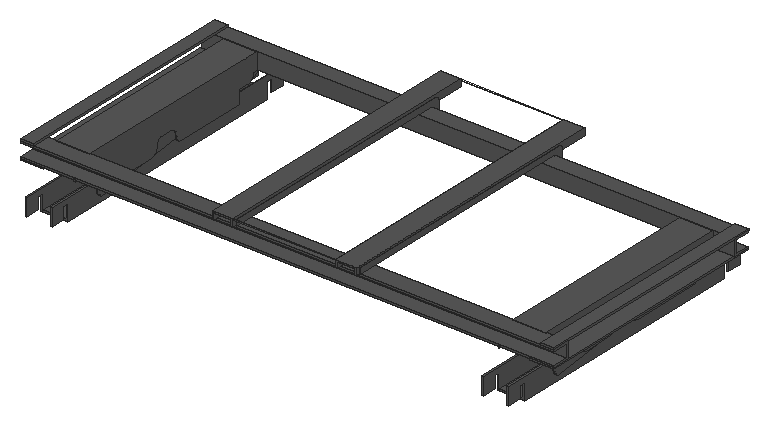
Revit family "Mount-Display-Chief-LVS", category Specialty Equipment, host Face, Revit 2012
Parameters (values of type "Landscape")
  zz YesNo 2 [instance] = not(zz YesNo 1)  # yes
  zz YesNo 1 [instance] = zz Integer 1 = 1  # no
  zz Length 9 [instance] = 17.50000"  # constant formula
  zz Length 8 [instance] = 17.00000" * 0  # 0.00000"
  zz Length 7 [instance] = zz Length 5 - zz Length 13  # -17.00000"
  zz Length 6 [instance] = if(zz Length 2 < zz Length 19, zz Length 19, if(zz Length 2 > zz Length 20, zz Length 20, zz Length 2))  # 7.87400"
  zz Length 5 [instance] = 0.00000"
  zz Length 4 = 7.40000"  # constant formula
  zz Length 3 [instance] = if(zz Integer 2 = 1, 35.00000", if(zz Integer 2 = 2, 19.00000", 0.00000"))  # 35.00000"
  zz Length 20 [instance] = if(zz Integer 2 = 1, 700 * 0.03937", if(zz Integer 2 = 2, 400 * 0.03937", 0.00000"))  # 27.55900"
  zz Length 2 [instance] = Upright Width Desired  # 0.00000"
  zz Length 19 [instance] = if(zz Integer 2 = 1, 200 * 0.03937", if(zz Integer 2 = 2, 100 * 0.03937", 0.00000"))  # 7.87400"
  zz Length 18 [instance] = if(zz Integer 1 = 1, 0.07500", 0.00000") + zz Length 8  # 0.00000"
  zz Length 17 [instance] = zz Length 3 - if(zz Integer 1 = 1, 0.00000", (0.50000" * 2))  # 34.00000"
  zz Length 16 [instance] = zz Length 11 - 2.52500"  # 1.47500"
  zz Length 15 = 4.00000"  # constant formula
  zz Length 14 [instance] = ((zz Length 10 / 2) + zz Length 1) * (0 - 1)  # -9.88000"
  zz Length 13 [instance] = 17.00000"  # constant formula
  zz Length 12 [instance] = ((zz Length 10 / 2) - zz Length 1) * (0 + 1)  # 8.31000"
  zz Length 11 [instance] = if(zz Length 7 < zz Length 15, zz Length 15, if(zz Length 7 > zz Length 4, zz Length 4, zz Length 7))  # 4.00000"
  zz Length 10 [instance] = if(zz Integer 2 = 1, 18.19000", if(zz Integer 2 = 2, 32.50000", 0.00000"))  # 18.19000"
  zz Length 1 [instance] = if(zz Integer 2 = 1, 0.78500", if(zz Integer 2 = 2, 0.00000", 0.00000"))  # 0.78500"
  zz Integer 2 = 1
  zz Integer 1 = 0
  zz Angle 5 [instance] = 2.500°  # constant formula
  zz Angle 4 [instance] = 90.000°  # constant formula
  zz Angle 3 [instance] = Tilt Desired  # 0.000°
  zz Angle 2 [instance] = zz Angle 4 + if(zz Angle 3 < zz Angle 1, zz Angle 1, if(zz Angle 3 > zz Angle 5, zz Angle 5, zz Angle 3))  # 90.000°
  zz Angle 1 [instance] = -4.000°  # constant formula
  Width = if(zz Integer 2 = 1, 35.50000", if(zz Integer 2 = 2, 19.50000", 0.00000"))  # 35.50000"
  Weight Capacity = 150.000 lbf  # constant formula
  Weight = if(and(zz Integer 2 = 1, zz Integer 1 = 0), 37.000 lbf, if(and(zz Integer 2 = 1, zz Integer 1 = 1), 44.000 lbf, if(and(zz Integer 2 = 2, zz Integer 1 = 0), 38.000 lbf, if(and(zz Integer 2 = 2, zz Integer 1 = 1), 42.000 lbf, 0.000 lbf))))  # 37.000 lbf
  Upright Width Desired [instance] = 0.00000"
  Upright Width Actual [instance] = zz Length 6  # 7.87400"
  URL = "http://www.chiefmfg.com/"
  Tilt Desired [instance] = 0.000°
  Tilt Actual [instance] = zz Angle 2 - zz Angle 4  # 0.000°
  Solution Type = "Universal"  # constant formula
  Product Page URL = "http://www.chiefmfg.com/Products/LVSXU"
  Product Material = Powder Coat - Chief - Black
  Product Documentation Link = "http://downloads.chiefmfg.com/MANUALS-I/LVS1U_LVSXU-I.pdf"
  Part Number [instance] = Model  # "LVSXU"
  Part Description [instance] = Description  # "Chief ConnexSys™ Video Wall Landscape Mounting System without Rails"
  Mounting Pattern Compatibility = if(zz Integer 2 = 1, "760mm x 505mm", if(zz Integer 2 = 2, "800mm x 400mm", "Not Available"))  # "760mm x 505mm"
  Model Disclaimer = "For more information, contact Milestone AV Technologies | Chief Manufacturing"  # constant formula
  Model = if(and(zz Integer 2 = 1, zz Integer 1 = 0), "LVSXU", if(and(zz Integer 2 = 1, zz Integer 1 = 1), "LVS1U", if(and(zz Integer 2 = 2, zz Integer 1 = 0), "LVSXUP", if(and(zz Integer 2 = 2, zz Integer 1 = 1), "LVS1UP", "Not Available"))))  # "LVSXU"
  Minimum Depth = zz Length 15  # 4.00000"
  Maximum Extension = zz Length 4  # 7.40000"
  Manufacturer = "Milestone AV Technologies | Chief Manufacturing"  # constant formula
  Height = if(zz Integer 2 = 1, 21.80000", if(zz Integer 2 = 2, 32.50000", 0.00000"))  # 21.80000"
  Has Snap Locations [instance] = yes
  Family Version = "1.0"  # constant formula
  Equipment Number [instance] = ""
  Equipment Abbreviation = "DM"
  Description = if(and(zz Integer 2 = 1, zz Integer 1 = 0), "Chief ConnexSys™ Video Wall Landscape Mounting System without Rails", if(and(zz Integer 2 = 1, zz Integer 1 = 1), "Chief ConnexSys™ Video Wall Landscape Mounting System with Rails", if(and(zz Integer 2 = 2, zz Integer 1 = 0), "Chief ConnexSys™ Video Wall Portrait Mounting System without Rails", if(and(zz Integer 2 = 2, zz Integer 1 = 1), "Chief ConnexSys™ Video Wall Portrait Mounting System with Rails", "Not Available"))))  # "Chief ConnexSys™ Video Wall Landscape Mounting System without Rails"
  Depth = if(zz Integer 2 = 1, 4.00000", if(zz Integer 2 = 2, 4.10000", 0.00000"))  # 4.00000"
  Default Elevation = 48.00000"
  Date Modified = "November 19, 2014"  # constant formula
  Date Created = "November 19, 2014"  # constant formula
  Copyright = "Copyright © 2014 Milestone AV Technologies | Chief Manufacturing"  # constant formula
  Certification = "UL Listed"  # constant formula
  Acceptable Flat Panel Sizes = if(zz Integer 2 = 1, "Most 42 In. - 80 In. Flat Panels", if(zz Integer 2 = 2, "Most 40 In. - 80 In. Flat Panels", "Not Available"))  # "Most 42 In. - 80 In. Flat Panels"
Types (5): name | zz YesNo 2 | zz YesNo 1 | zz Length 6 | zz Length 3 | zz Length 20 | zz Length 19 | zz Length 18 | zz Length 17 | zz Length 14 | zz Length 12 | zz Length 10 | zz Length 1 | zz Integer 2 | zz Integer 1 | Width | Weight | Upright Width Actual | Product Page URL | Product Documentation Link | Part Number | Part Description | Mounting Pattern Compatibility | Model | Height | Description | Depth | Acceptable Flat Panel Sizes
  (no name) | yes | no | 7.87400" | 35.00000" | 27.55900" | 7.87400" | 0.00000" | 34.00000" | -9.88000" | 8.31000" | 18.19000" | 0.78500" | 1 | 0 | 35.50000" | 37.000 lbf | 7.87400" | "http://www.chiefmfg.com/Products/LVSXU" | "http://downloads.chiefmfg.com/MANUALS-I/LVS1U_LVSXU-I.pdf" | "LVSXU" | "Chief ConnexSys™ Video Wall Landscape Mounting System without Rails" | "760mm x 505mm" | "LVSXU" | 21.80000" | "Chief ConnexSys™ Video Wall Landscape Mounting System without Rails" | 4.00000" | "Most 42 In. - 80 In. Flat Panels"
  Landscape | yes | no | 7.87400" | 35.00000" | 27.55900" | 7.87400" | 0.00000" | 34.00000" | -9.88000" | 8.31000" | 18.19000" | 0.78500" | 1 | 0 | 35.50000" | 37.000 lbf | 7.87400" | "http://www.chiefmfg.com/Products/LVSXU" | "http://downloads.chiefmfg.com/MANUALS-I/LVS1U_LVSXU-I.pdf" | "LVSXU" | "Chief ConnexSys™ Video Wall Landscape Mounting System without Rails" | "760mm x 505mm" | "LVSXU" | 21.80000" | "Chief ConnexSys™ Video Wall Landscape Mounting System without Rails" | 4.00000" | "Most 42 In. - 80 In. Flat Panels"
  Portrait | yes | no | 3.93700" | 19.00000" | 15.74800" | 3.93700" | 0.00000" | 18.00000" | -16.25000" | 16.25000" | 32.50000" | 0.00000" | 2 | 0 | 19.50000" | 38.000 lbf | 3.93700" | "http://www.chiefmfg.com/Products/LVSXUP" | "http://downloads.chiefmfg.com/MANUALS-I/LVS1UP_LVSXUP-I.pdf" | "LVSXUP" | "Chief ConnexSys™ Video Wall Portrait Mounting System without Rails" | "800mm x 400mm" | "LVSXUP" | 32.50000" | "Chief ConnexSys™ Video Wall Portrait Mounting System without Rails" | 4.10000" | "Most 40 In. - 80 In. Flat Panels"
  Portrait, With Rails | no | yes | 3.93700" | 19.00000" | 15.74800" | 3.93700" | 0.07500" | 19.00000" | -16.25000" | 16.25000" | 32.50000" | 0.00000" | 2 | 1 | 19.50000" | 42.000 lbf | 3.93700" | "http://www.chiefmfg.com/Products/LVS1UP" | "http://downloads.chiefmfg.com/MANUALS-I/LVS1UP_LVSXUP-I.pdf" | "LVS1UP" | "Chief ConnexSys™ Video Wall Portrait Mounting System with Rails" | "800mm x 400mm" | "LVS1UP" | 32.50000" | "Chief ConnexSys™ Video Wall Portrait Mounting System with Rails" | 4.10000" | "Most 40 In. - 80 In. Flat Panels"
  Landscape, With Rails | no | yes | 7.87400" | 35.00000" | 27.55900" | 7.87400" | 0.07500" | 35.00000" | -9.88000" | 8.31000" | 18.19000" | 0.78500" | 1 | 1 | 35.50000" | 44.000 lbf | 7.87400" | "http://www.chiefmfg.com/Products/LVS1U" | "http://downloads.chiefmfg.com/MANUALS-I/LVS1U_LVSXU-I.pdf" | "LVS1U" | "Chief ConnexSys™ Video Wall Landscape Mounting System with Rails" | "760mm x 505mm" | "LVS1U" | 21.80000" | "Chief ConnexSys™ Video Wall Landscape Mounting System with Rails" | 4.00000" | "Most 42 In. - 80 In. Flat Panels"
Reference planes (in)
  plane 1 "Center (Front/Back)": y = 0
  plane 2 "Center (Elevation)": z = 0
  plane 3 "Center (Left/Right)": x = 0
  plane 4: through (26.9972, 28.43381, 9.92971) normal (-0.9218, 0.2818, 0.2661)
  plane 5: through (15.53727, 31.93746, 9.30168) normal (-0.8902, 0.2721, -0.3654)
  plane 6: through (16.43815, 31.66203, -8.67365) normal (0.8902, -0.2721, 0.3654)
  plane 7: through (13.12273, 32.67566, 0.15701) normal (-0.05, 0.0153, 0.9986)
  plane 8: through (9.8073, 33.68929, 8.98767) normal (-0.9218, 0.2818, 0.2661)
  plane 9: through (4.97822, 35.16569, -9.30168) normal (0.955, -0.292, 0.0523)
  plane 10: through (4.97822, 35.16569, -9.30168) normal (-0.05, 0.0153, 0.9986)
  plane 11: z = 0
  plane 12: z = 0
  plane 13: z = 0.875
  plane 14: y = -9.5625
  plane 15: y = -7.9375
  plane 16: y = -8.3125
  plane 17: y = -9.1875
  plane 18: y = 7.9375
  plane 19: y = 9.5625
  plane 20: y = 9.1875
  plane 21: y = 8.3125
  plane 22: z = 0.325
  plane 23: x = -17.5
  plane 24: x = 17.5
  plane 25: y = -8.75
  plane 26: y = 8.75
  plane 27: x = -15.5
  plane 28: x = -15.4
  plane 29: x = -15.16
  plane 30: x = -13.93
  plane 31: x = -13.69
  plane 32: x = -13.59
  plane 33: x = 13.59
  plane 34: x = 13.69
  plane 35: x = 13.93
  plane 36: x = 15.16
  plane 37: x = 15.4
  plane 38: x = 15.5
  plane 39: x = -14.545
  plane 40: x = 14.545
  plane 41: y = 6.6875
  plane 42: z = 0.875
  plane 43: z = 2.35
  plane 44: z = 1
  plane 45: z = 0.25
  plane 46: z = 1.35
  plane 47: z = 0.1
  plane 48: x = -15.3
  plane 49: x = 13.79
  plane 50: x = -13.79
  plane 51: x = 15.3
  plane 52: y = 0.5
  plane 53: z = 1.73
  plane 54: x = -15.775
  plane 55: x = 15.775
  plane 56: x = -13.315
  plane 57: x = 13.315
  plane 58: x = -15.675
  plane 59: x = -13.415
  plane 60: x = 13.415
  plane 61: x = 15.675
  plane 62: x = -17
  plane 63: x = 17
  plane 64: x = -16.15
  plane 65: x = 16.15
  plane 66: z = -17
  plane 67: x = 3.937
  plane 68: x = -4.687
  plane 69: x = 3.187
  plane 70: x = -4.487
  plane 71: x = -3.187
  plane 72: x = 4.687
  plane 73: x = -4.587
  plane 74: x = 3.287
  plane 75: x = -3.287
  plane 76: x = 4.587
  plane 77: x = -15.6
  plane 78: x = -13.49
  plane 79: x = 13.49
  plane 80: x = 15.6
  plane 81: x = -3.387
  plane 82: x = 3.387
  plane 83: x = 4.487
  plane 84: x = -3.937
  plane 85: z = 3.75
Forms (in)
  Extrusion 1, solid, material "Powder Coat - Chief - Black" <- "Product Material", visible <- "zz YesNo 1"
    sketch origin (0, 0, 0) x (0, 1, 0) y (0, 0, 1)
      loop
        line (-8.3125, 0.875) -> (-8.3125, 0.325) -> (-9.1875, 0.325) -> (-9.1875, 0.875) -> (-9.5625, 0.875) -> (-9.5625, 0) -> (-7.9375, 0) -> (-7.9375, 0.875) -> (-8.3125, 0.875)
      loop
        line (9.1875, 0.875) -> (9.1875, 0.325) -> (8.3125, 0.325) -> (8.3125, 0.875) -> (7.9375, 0.875) -> (7.9375, 0) -> (9.5625, 0) -> (9.5625, 0.875) -> (9.1875, 0.875)
    from -17.5 to 17.5
  Sweep 2, solid, material "Powder Coat - Chief - Black" <- "Product Material"
    path in 3D
      loop
        line (0, 7.18371, 0.81354) -> (0, 6.6875, 0.875) -> (0, -5.2215, 2.35) -> (0, -5.71771, 2.41146)
    profile origin (0, 0.733, 1.6125) x (0, -0.122917, -0.992417) y (1, 0, 0)
      loop
        line (-0.5, -15.16) -> (0.5, -15.16) -> (0.5, -13.93) -> (-0.5, -13.93) -> (-0.5, -15.16)
      loop
        line (-0.5, 13.93) -> (0.5, 13.93) -> (0.5, 15.16) -> (-0.5, 15.16) -> (-0.5, 13.93)
  Sweep 3, solid, material "Powder Coat - Chief - Black" <- "Product Material"
    path in 3D
      loop
        line (0, 7.18371, 2.41146) -> (0, 6.6875, 2.35) -> (0, -5.2215, 0.875) -> (0, -5.71771, 0.81354)
    profile origin (0, 0.733, 1.6125) x (0, 0.122917, -0.992417) y (1, 0, 0)
      loop
        line (-0.5, 15.5) -> (-0.5, 15.4) -> (0.5, 15.4) -> (0.5, 15.5) -> (-0.5, 15.5)
      loop
        line (-0.5, 13.69) -> (-0.5, 13.59) -> (0.5, 13.59) -> (0.5, 13.69) -> (-0.5, 13.69)
      loop
        line (-0.5, -13.59) -> (-0.5, -13.69) -> (0.5, -13.69) -> (0.5, -13.59) -> (-0.5, -13.59)
      loop
        line (-0.5, -15.4) -> (-0.5, -15.5) -> (0.5, -15.5) -> (0.5, -15.4) -> (-0.5, -15.4)
  Extrusion 4, solid, material "Powder Coat - Chief - Black" <- "Product Material"
    sketch origin (0, 0, 0) x (0, 1, 0) y (0, 0, 1)
      loop
        line (-9.1875, 1.35) -> (-9.1875, 0.25) -> (-8.3125, 0.25) -> (-8.3125, 1) -> (-7.9375, 1) -> (-7.9375, 0) -> (7.9375, 0) -> (7.9375, 1) -> (8.3125, 1) -> (8.3125, 0.25) -> (9.1875, 0.25) -> (9.1875, 1.35) -> (-9.1875, 1.35)
    from -15.4 to 15.4
  Extrusion 5, void
    sketch origin (0, 0, 0) x (1, 0, 0) y (0, 0, 1)
      loop
        line (-15.3, 1.35) -> (-15.3, 0.1) -> (-13.79, 0.1) -> (-13.79, 1.35) -> (-15.3, 1.35)
      loop
        line (13.79, 1.35) -> (13.79, 0.1) -> (15.3, 0.1) -> (15.3, 1.35) -> (13.79, 1.35)
      loop
        line (-13.69, 1.35) -> (-13.69, 0) -> (13.69, 0) -> (13.69, 1.35) -> (-13.69, 1.35)
    from -9.1875 to 9.1875
  Extrusion 6, void
    sketch origin (0, 6.6875, 2.35) x (0, -0.992417, -0.122917) y (0, 0.122917, -0.992417)
      loop
        line (0, 0.5) -> (-0.75, 0.5) -> (-0.75, -0.5) -> (0, -0.5)
        arc (0, -0.5) -> (-0.5, 0) -> (0, 0.5) r 0.5
      loop
        arc (12, 0.5) -> (12.5, 0) -> (12, -0.5) r 0.5
        line (12, -0.5) -> (12.75, -0.5) -> (12.75, 0.5) -> (12, 0.5)
    from -15.5 to 15.5
  Extrusion 7, void
    sketch origin (0, 6.6875, 0.875) x (0, -0.992417, 0.122917) y (0, -0.122917, -0.992417)
      loop
        arc (12, 0.5) -> (12.5, 0) -> (12, -0.5) r 0.5
        line (12, -0.5) -> (12.75, -0.5) -> (12.75, 0.5) -> (12, 0.5)
      loop
        line (0, 0.5) -> (-0.75, 0.5) -> (-0.75, -0.5) -> (0, -0.5)
        arc (0, -0.5) -> (-0.5, 0) -> (0, 0.5) r 0.5
    from -15.5 to 15.5
  Extrusion 8, solid, material "Powder Coat - Chief - Black" <- "Product Material"
    sketch origin (0, 0.5, 0.46979) x (0, 0, -1) y (0, 1, 0)
      loop
        line (-2.83021, 6.3375) -> (-1.83021, 6.3375) -> (-1.83021, 7.4) -> (-1.93021, 7.4) -> (-1.93021, 6.4375) -> (-2.73021, 6.4375) -> (-2.73021, 7.4) -> (-2.83021, 7.4) -> (-2.83021, 6.3375)
      loop
        line (-1.83021, -6.975) -> (-2.83021, -6.975) -> (-2.83021, -8.1) -> (-2.73021, -8.1) -> (-2.73021, -7.075) -> (-1.93021, -7.075) -> (-1.93021, -8.1) -> (-1.83021, -8.1) -> (-1.83021, -6.975)
    from -17 to 17
  Extrusion 9, solid, material "Powder Coat - Chief - Black" <- "Product Material"
    sketch origin (0, 0.5, 1.73) x (0, 0, -1) y (0, 1, 0)
      loop
        line (-1.57, 7.4) -> (-1.67, 7.4) -> (-1.67, -8.1) -> (-1.57, -8.1) -> (-1.57, -6.975) -> (-0.57, -6.975) -> (-0.57, -8.1) -> (-0.47, -8.1) -> (-0.47, -5.48171)
        arc (-0.47, -5.48171) -> (-0.43194, -5.29037) -> (-0.32355, -5.12816) r 0.5
        line (-0.32355, -5.12816) -> (0.72355, -4.08105)
        arc (0.72355, -4.08105) -> (0.83194, -3.91884) -> (0.87, -3.7275) r 0.5
        line (0.87, -3.7275) -> (0.87, -2.1025)
        arc (0.87, -2.1025) -> (0.73234, -1.77016) -> (0.4, -1.6325) r 0.47
        arc (0.4, -1.6325) -> (0.06766, -1.49484) -> (-0.07, -1.1625) r 0.47
        line (-0.07, -1.1625) -> (-0.07, -0.5375)
        arc (-0.07, -0.5375) -> (0.06766, -0.20516) -> (0.4, -0.0675) r 0.47
        arc (0.4, -0.0675) -> (0.73234, 0.07016) -> (0.87, 0.4025) r 0.47
        line (0.87, 0.4025) -> (0.87, 4.925) -> (-0.01, 4.925) -> (-0.01, 5.65)
        arc (-0.01, 5.65) -> (-0.11983, 5.91517) -> (-0.385, 6.025) r 0.375
        line (-0.385, 6.025) -> (-0.47, 6.025) -> (-0.47, 7.4) -> (-0.57, 7.4) -> (-0.57, 6.3375) -> (-1.57, 6.3375) -> (-1.57, 7.4)
    from -17 to 17
  Extrusion 10, void
    sketch origin (0, 0.5, 1.73) x (0, 0, 1) y (1, 0, 0)
      loop
        line (1.67, -16.15) -> (1.67, 16.15) -> (1.57, 16.15) -> (1.57, 17) -> (0.57, 17) -> (0.57, 15.6) -> (1.57, 15.6) -> (1.57, 13.49) -> (-0.87, 13.49) -> (-0.87, -13.49) -> (1.57, -13.49) -> (1.57, -15.6) -> (0.57, -15.6) -> (0.57, -17) -> (1.57, -17) -> (1.57, -16.15) -> (1.67, -16.15)
      loop
        line (1.47, -15.5) -> (1.47, -13.59) -> (-0.87, -13.59) -> (-0.87, -15.5) -> (1.47, -15.5)
      loop
        line (1.47, 13.59) -> (1.47, 15.5) -> (-0.87, 15.5) -> (-0.87, 13.59) -> (1.47, 13.59)
      loop
        line (0.47, 15.6) -> (0.47, 17) -> (-0.87, 17) -> (-0.87, 15.6) -> (0.47, 15.6)
      loop
        line (0.47, -17) -> (0.47, -15.6) -> (-0.87, -15.6) -> (-0.87, -17) -> (0.47, -17)
    from -24 to 24
  Extrusion 11, solid, material "Powder Coat - Chief - Black" <- "Product Material"
    sketch origin (0, 0.5, 1.73) x (0, 0, -1) y (0, 1, 0)
      loop
        line (-1.92, -8.1) -> (-1.57, -8.1) -> (-1.57, 7.4) -> (-1.47, 7.4) -> (-1.47, 6.98922) -> (-0.92, 6.98922) -> (-0.92, 7.73)
        arc (-0.92, 7.73) -> (-0.98444, 7.88556) -> (-1.14, 7.95) r 0.22
        line (-1.14, 7.95) -> (-1.7, 7.95)
        arc (-1.7, 7.95) -> (-1.85556, 7.88556) -> (-1.92, 7.73) r 0.22
        line (-1.92, 7.73) -> (-1.92, -8.1)
    from -4.687 to 4.687
  Extrusion 12, void
    sketch origin (0, 0.5, 1.73) x (0, 0, 1) y (1, 0, 0)
      loop
        line (0.92, -4.587) -> (1.92, -4.587) -> (1.92, -3.287) -> (0.92, -3.287) -> (0.92, -4.587)
      loop
        line (0.92, 3.287) -> (1.92, 3.287) -> (1.92, 4.587) -> (0.92, 4.587) -> (0.92, 3.287)
      loop
        line (0.92, 3.187) -> (0.92, -3.187) -> (1.92, -3.187) -> (1.92, 3.187) -> (0.92, 3.187)
    from -12 to 12
  Extrusion 13, solid, material "Powder Coat - Chief - Black" <- "Product Material"
    sketch origin (0, 0.5, 1.73) x (0, 0, -1) y (1, 0, 0)
      loop
        line (-2.02, -4.587) -> (-1.57, -4.587) -> (-1.57, -4.487) -> (-1.92, -4.487) -> (-1.92, -3.387) -> (-1.57, -3.387) -> (-1.57, -3.287) -> (-2.02, -3.287) -> (-2.02, -4.587)
      loop
        line (-2.02, 3.287) -> (-1.57, 3.287) -> (-1.57, 3.387) -> (-1.92, 3.387) -> (-1.92, 4.487) -> (-1.57, 4.487) -> (-1.57, 4.587) -> (-2.02, 4.587) -> (-2.02, 3.287)
    from -9.88 <- "zz Length 14" to 8.31 <- "zz Length 12"
  Extrusion 14, solid, material "Snap Locations", visible <- "Has Snap Locations"
    sketch origin (0, 0.5, 1.73) x (1, 0, 0) y (0, 1, 0)
      loop
        line (3.287, -8.31) -> (3.287, 9.88) -> (-3.287, 9.88) -> (-3.287, -8.31) -> (3.287, -8.31)
    from 1.92 to 2.02
Cuts and joins
  Extrusion 5 cuts Extrusion 4
  Extrusion 6 cuts Sweep 3
  Extrusion 7 cuts Sweep 2
  Extrusion 10 cuts Extrusion 9
  Extrusion 12 cuts Extrusion 11
Lines and regions (in)
  Masking region 1, visible <- "zz YesNo 2", detail levels fine
    outline origin (0, 0, 0) x (1, 0, 0) y (0, 0, 1)
      loop
        line (-17, 3.75) -> (-17, 2.35) -> (-15.5, 2.35) -> (-15.5, 0) -> (-13.49, 0) -> (-13.49, 2.35) -> (13.49, 2.35) -> (13.49, 0) -> (15.6, 0) -> (15.6, 2.35) -> (17, 2.35) -> (17, 3.75) -> (-17, 3.75)
  Masking region 2, visible <- "zz YesNo 1", detail levels fine
    outline origin (0, 0, 0) x (1, 0, 0) y (0, 0, 1)
      loop
        line (-17, 3.75) -> (-17, 2.35) -> (-15.6, 2.35) -> (-15.6, 0.875) -> (-17.5, 0.875) -> (-17.5, 0) -> (17.5, 0) -> (17.5, 0.875) -> (15.6, 0.875) -> (15.6, 2.35) -> (17, 2.35) -> (17, 3.75) -> (-17, 3.75)
      loop
        line (-13.49, 2.35) -> (-13.49, 0.875) -> (13.49, 0.875) -> (13.49, 2.35) -> (-13.49, 2.35)
  Masking region 3, detail levels coarse+medium
    outline origin (0, 0, 0) x (1, 0, 0) y (0, 0, 1)
      loop
        line (-17, 3.75) -> (-17, 0) -> (17, 0) -> (17, 3.75) -> (-17, 3.75)
  reference lines, not visible
    curve 1: line (0, 6.6875, 0.875) -> (0, -5.2215, 2.35)
    curve 2: line (0, 6.6875, 2.35) -> (0, -5.2215, 0.875)
    curve 13: line (0, 0.5, 1.73) -> (0, 0.5, -4.27)
  sketch lines
    curve 3: line (0, 6.6875, 0.875) -> (0, -5.2215, 2.35)
    curve 4: line (0, 6.6875, 2.35) -> (0, -5.2215, 0.875)
    curve 9: line (0, -5.2215, 2.35) -> (0, -5.71771, 2.41146)
    curve 10: line (0, 6.6875, 0.875) -> (0, 7.18371, 0.81354)
    curve 11: line (0, 6.6875, 2.35) -> (0, 7.18371, 2.41146)
    curve 12: line (0, -5.2215, 0.875) -> (0, -5.71771, 0.81354)
  model lines, style "SpecialityEquipmentHiddenLines", not visible, detail levels medium
    curve 5: line (0, 6.6875, 2.35) -> (0, 7.18371, 2.41146)
    curve 6: line (0, -5.2215, 0.875) -> (0, -5.71771, 0.81354)
    curve 7: line (0, -5.2215, 2.35) -> (0, -5.71771, 2.41146)
    curve 8: line (0, 6.6875, 0.875) -> (0, 7.18371, 0.81354)
  reference lines
    curve 14: line (-0.5, 0, -17) -> (0.5, 0, -17)
  model lines, style "Snap Locations", visible <- "Has Snap Locations"
    curve 15: line (0, -7.81, 3.75) -> (0, 10.38, 3.75)
    curve 16: line (-3.287, 1.285, 3.75) -> (3.287, 1.285, 3.75)
Dimensions and locks (in)
  "zz Length 8": plane 11 to plane 2 "Center (Elevation)"
  "zz Length 18": plane 12 to plane 11
  equal spacing: plane 23, plane 3 "Center (Left/Right)", plane 24
  "zz Length 3": plane 23 to plane 24
  plane 19 to plane 20 to plane 26 to plane 21 to plane 18 = 0.37500" locked, 0.43750" locked, 0.43750" locked, 0.37500" locked
  plane 15 to plane 16 to plane 25 to plane 17 to plane 14 = 0.37500" locked, 0.43750" locked, 0.43750" locked, 0.37500" locked
  plane 13 to plane 22 to plane 11 = 0.55000" locked, 0.32500" locked
  equal spacing: plane 25, plane 1 "Center (Front/Back)", plane 26
  "zz Length 9": plane 26 to plane 25
  plane 23 to plane 62 to plane 64 to plane 54 to plane 58 to plane 77 to plane 27 to plane 28 to plane 48 to plane 29 to plane 39 to plane 30 to plane 50 to plane 31 to plane 32 to plane 78 to plane 59 to plane 56 = 0.50000" locked, 0.85000" locked, 0.37500" locked, 0.10000" locked, 0.07500" locked, 0.10000" locked, 0.10000" locked, 0.10000" locked, 0.14000" locked, 0.61500" locked, 0.61500" locked, 0.14000" locked, 0.10000" locked, 0.10000" locked, 0.10000", 0.07500" locked, 0.10000" locked
  plane 57 to plane 60 to plane 79 to plane 33 to plane 34 to plane 49 to plane 35 to plane 40 to plane 36 to plane 51 to plane 37 to plane 38 to plane 80 to plane 61 to plane 55 to plane 65 to plane 63 to plane 24 = 0.10000" locked, 0.07500" locked, 0.10000" locked, 0.10000" locked, 0.10000" locked, 0.14000" locked, 0.61500" locked, 0.61500" locked, 0.14000" locked, 0.10000" locked, 0.10000" locked, 0.10000" locked, 0.07500" locked, 0.10000" locked, 0.37500" locked, 0.85000" locked, 0.50000" locked
  locked: curve 1 to curve 1 at 12
  locked: curve 2 to curve 2 at 12
  equal spacing: Sweep 2 sketch curve, profile plane, Sweep 2 sketch curve  (x2)
  locked: Sweep 2 sketch curve to Sweep 2 sketch curve at 1  (x2)
  equal spacing: Sweep 3 sketch curve, profile plane, Sweep 3 sketch curve  (x4)
  locked: Sweep 3 sketch curve to Sweep 3 sketch curve at 1  (x4)
  "zz Length 16": plane 43 to plane 42
  locked: plane 42 to plane 12 at 0.875
  plane 46 to plane 44 to plane 45 to plane 47 to plane 12 = 0.35000" locked, 0.75000" locked, 0.15000" locked, 0.10000" locked
  locked: plane 41 to plane 20 at 2.5
  locked: curve 5 to curve 5 at 0.5
  locked: curve 6 to curve 6 at 0.5
  locked: curve 8 to curve 8 at 0.5
  locked: curve 7 to curve 7 at 0.5
  locked: plane 1 "Center (Front/Back)" to plane 52 at 0.5
  locked: plane 43 to plane 53 at 0.62
  "zz Length 13": plane 11 to plane 66
  curve 14 to plane 3 "Center (Left/Right)" to curve 14 = 0.50000" locked, 0.50000" locked
  "zz Length 5": curve 14 to plane 66
  plane 69 to plane 74 to plane 82 to plane 67 to plane 83 to plane 76 to plane 72 = 0.10000" locked, 0.10000" locked, 0.55000" locked, 0.55000" locked, 0.10000" locked, 0.10000" locked
  plane 68 to plane 73 to plane 70 to plane 84 to plane 81 to plane 75 to plane 71 = 0.10000" locked, 0.10000" locked, 0.55000" locked, 0.55000" locked, 0.10000" locked, 0.10000" locked
  equal spacing: plane 84, plane 3 "Center (Left/Right)", plane 67
  "zz Length 6": plane 84 to plane 67
  locked: plane 85 to plane 43 at 1.4
  "zz Length 12": Extrusion 14 sketch curve to curve 13
  "zz Length 10": Extrusion 14 sketch curve to Extrusion 14 sketch curve
  "zz Length 10": curve 15 to curve 15
  "zz Length 12": curve 15 to curve 13
  "zz Length 18": plane 12 to Masking region 3 sketch curve
  equal spacing: Masking region 3 sketch curve, plane 3 "Center (Left/Right)", Masking region 3 sketch curve
  "zz Length 17": Masking region 3 sketch curve to Masking region 3 sketch curve
  "zz Length 1": curve 13 to curve 16
  "zz Angle 2": angle plane 53 to curve 13
  aligned and locked: plane 2 "Center (Elevation)" to host face
  aligned and locked: level to host face
  aligned and locked: Extrusion 1 sketch curve to plane 15
  aligned and locked: Extrusion 1 sketch curve to plane 16
  aligned and locked: plane 17 to Extrusion 1 sketch curve
  aligned and locked: plane 14 to Extrusion 1 sketch curve
  aligned and locked: plane 11 to Extrusion 1 sketch curve  (x2)
  aligned and locked: plane 22 to Extrusion 1 sketch curve  (x2)
  aligned and locked: Extrusion 1 sketch curve to plane 13  (x4)
  aligned and locked: plane 18 to Extrusion 1 sketch curve
  aligned and locked: plane 21 to Extrusion 1 sketch curve
  aligned and locked: Extrusion 1 sketch curve to plane 20
  aligned and locked: Extrusion 1 sketch curve to plane 19
  aligned and locked: Extrusion 1 to plane 23
  aligned and locked: plane 24 to Extrusion 1
  aligned and locked: plane 41 to curve 2
  aligned and locked: plane 41 to curve 1
  aligned and locked: plane 43 to curve 2
  aligned and locked: plane 42 to curve 1
  aligned and locked: plane 29 to Sweep 2 sketch curve
  aligned and locked: Sweep 2 sketch curve to plane 30
  aligned and locked: plane 35 to Sweep 2 sketch curve
  aligned and locked: Sweep 2 sketch curve to plane 36
  aligned and locked: plane 37 to Sweep 3 sketch curve
  aligned and locked: Sweep 3 sketch curve to plane 38
  aligned and locked: Sweep 3 sketch curve to plane 34
  aligned and locked: plane 33 to Sweep 3 sketch curve
  aligned and locked: plane 31 to Sweep 3 sketch curve
  aligned and locked: Sweep 3 sketch curve to plane 32
  aligned and locked: Sweep 3 sketch curve to plane 28
  aligned and locked: plane 27 to Sweep 3 sketch curve
  aligned and locked: plane 42 to curve 2
  aligned and locked: plane 43 to curve 1
  aligned and locked: plane 17 to Extrusion 4 sketch curve
  aligned and locked: plane 45 to Extrusion 4 sketch curve
  aligned and locked: Extrusion 4 sketch curve to plane 12
  aligned and locked: Extrusion 4 sketch curve to plane 45
  aligned and locked: Extrusion 4 sketch curve to plane 20
  aligned and locked: Extrusion 4 sketch curve to plane 16
  aligned and locked: plane 21 to Extrusion 4 sketch curve
  aligned and locked: plane 15 to Extrusion 4 sketch curve
  aligned and locked: Extrusion 4 sketch curve to plane 18
  aligned and locked: plane 44 to Extrusion 4 sketch curve  (x2)
  aligned and locked: Extrusion 4 sketch curve to plane 46
  aligned and locked: Extrusion 4 to plane 28
  aligned and locked: plane 37 to Extrusion 4
  aligned and locked: plane 12 to Extrusion 5 sketch curve
  aligned and locked: Extrusion 5 sketch curve to plane 46  (x3)
  aligned and locked: Extrusion 5 sketch curve to plane 34
  aligned and locked: plane 31 to Extrusion 5 sketch curve
  aligned and locked: plane 48 to Extrusion 5 sketch curve
  aligned and locked: Extrusion 5 sketch curve to plane 50
  aligned and locked: plane 47 to Extrusion 5 sketch curve  (x2)
  aligned and locked: Extrusion 5 sketch curve to plane 51
  aligned and locked: plane 49 to Extrusion 5 sketch curve
  aligned and locked: plane 20 to Extrusion 5
  aligned and locked: Extrusion 5 to plane 17
  aligned and locked: Extrusion 7 to plane 27
  aligned and locked: Extrusion 6 to plane 27
  aligned and locked: plane 38 to Extrusion 7
  aligned and locked: plane 38 to Extrusion 6
  aligned and locked: plane 53 to curve 13
  aligned and locked: plane 52 to curve 13
  aligned and locked: Extrusion 8 to plane 62
  aligned and locked: plane 63 to Extrusion 8
  aligned and locked: Extrusion 9 to plane 62
  aligned and locked: plane 63 to Extrusion 9
  aligned and locked: plane 62 to Extrusion 10 sketch curve  (x2)
  aligned and locked: Extrusion 10 sketch curve to plane 63  (x2)
  aligned and locked: plane 64 to Extrusion 10 sketch curve
  aligned and locked: plane 65 to Extrusion 10 sketch curve
  aligned and locked: Extrusion 11 to plane 68
  aligned and locked: plane 72 to Extrusion 11
  aligned and locked: Extrusion 12 sketch curve to plane 73
  aligned and locked: plane 75 to Extrusion 12 sketch curve
  aligned and locked: plane 71 to Extrusion 12 sketch curve
  aligned and locked: Extrusion 12 sketch curve to plane 69
  aligned and locked: Extrusion 12 sketch curve to plane 74
  aligned and locked: plane 76 to Extrusion 12 sketch curve
  aligned and locked: Extrusion 10 sketch curve to plane 77  (x2)
  aligned and locked: plane 27 to Extrusion 10 sketch curve
  aligned and locked: Extrusion 10 sketch curve to plane 32
  aligned and locked: plane 78 to Extrusion 10 sketch curve
  aligned and locked: Extrusion 10 sketch curve to plane 79
  aligned and locked: plane 33 to Extrusion 10 sketch curve
  aligned and locked: Extrusion 10 sketch curve to plane 38
  aligned and locked: plane 80 to Extrusion 10 sketch curve  (x2)
  aligned and locked: plane 73 to Extrusion 13 sketch curve
  aligned and locked: Extrusion 13 sketch curve to plane 75
  aligned and locked: plane 74 to Extrusion 13 sketch curve
  aligned and locked: Extrusion 13 sketch curve to plane 76
  aligned and locked: Extrusion 13 sketch curve to plane 70
  aligned and locked: plane 81 to Extrusion 13 sketch curve
  aligned and locked: Extrusion 13 sketch curve to plane 82
  aligned and locked: plane 83 to Extrusion 13 sketch curve
  aligned and locked: plane 62 to Masking region 1 sketch curve
  aligned and locked: Masking region 1 sketch curve to plane 63
  aligned and locked: Masking region 1 sketch curve to plane 43  (x3)
  aligned and locked: Masking region 1 sketch curve to plane 27
  aligned and locked: plane 80 to Masking region 1 sketch curve
  aligned and locked: plane 78 to Masking region 1 sketch curve
  aligned and locked: Masking region 1 sketch curve to plane 79
  aligned and locked: plane 12 to Masking region 1 sketch curve  (x2)
  aligned and locked: plane 11 to Masking region 2 sketch curve
  aligned and locked: plane 23 to Masking region 2 sketch curve
  aligned and locked: Masking region 2 sketch curve to plane 24
  aligned and locked: Masking region 2 sketch curve to plane 63
  aligned and locked: plane 62 to Masking region 2 sketch curve
  aligned and locked: plane 77 to Masking region 2 sketch curve
  aligned and locked: Masking region 2 sketch curve to plane 80
  aligned and locked: plane 79 to Masking region 2 sketch curve
  aligned and locked: Masking region 2 sketch curve to plane 78
  aligned and locked: plane 43 to Masking region 2 sketch curve  (x2)
  aligned and locked: Masking region 2 sketch curve to plane 43
  aligned and locked: Masking region 2 sketch curve to plane 13  (x3)
  aligned and locked: Masking region 1 sketch curve to plane 85
  aligned and locked: Masking region 2 sketch curve to plane 85
  aligned and locked: plane 75 to Extrusion 14 sketch curve
  aligned and locked: Extrusion 14 sketch curve to plane 74
  aligned and locked: Masking region 3 sketch curve to plane 85
  aligned and locked: plane 75 to curve 16
  aligned and locked: plane 74 to curve 16
Automatic sketch dimensions
  host sketch curve to host sketch curve = 24.00000"  (x2)
  curve 1 to curve 8 = 0.00000"
  curve 8 to curve 1 = 0.00000"
  curve 7 to curve 1 = 0.00000"  (x2)
  curve 2 to curve 5 = 0.00000"
  curve 5 to curve 2 = 0.00000"
  curve 6 to curve 2 = 0.00000"  (x2)
  Extrusion 7 sketch curve to curve 1 = 0.00000"  (x5)
  curve 1 to Extrusion 7 sketch curve = 0.00000"  (x3)
  Extrusion 7 sketch curve to curve 1 = 0.50000"  (x2)
  curve 1 to Extrusion 7 sketch curve = 0.50000"  (x2)
  Extrusion 7 sketch curve to curve 1 = 0.75000"
  Extrusion 7 sketch curve to Extrusion 7 sketch curve = 0.75000"
  Extrusion 6 sketch curve to curve 2 = 0.00000"  (x6)
  curve 2 to Extrusion 6 sketch curve = 0.00000"  (x2)
  Extrusion 6 sketch curve to curve 2 = 0.50000"  (x2)
  curve 2 to Extrusion 6 sketch curve = 0.50000"  (x2)
  Extrusion 6 sketch curve to Extrusion 6 sketch curve = 0.75000"
  curve 2 to Extrusion 6 sketch curve = 0.75000"
  Extrusion 8 sketch curve to curve 13 = 1.57000"  (x2)
  Extrusion 8 sketch curve to Extrusion 8 sketch curve = 0.10000"  (x6)
  Extrusion 8 sketch curve to Extrusion 8 sketch curve = 0.80000"  (x2)
  Extrusion 8 sketch curve to curve 13 = 8.10000"
  Extrusion 8 sketch curve to Extrusion 8 sketch curve = 0.00000"  (x2)
  Extrusion 8 sketch curve to Extrusion 8 sketch curve = 1.02500"
  curve 13 to Extrusion 8 sketch curve = 6.33750"
  Extrusion 8 sketch curve to Extrusion 8 sketch curve = 0.96250"
  Extrusion 10 sketch curve to curve 13 = 1.67000"
  Extrusion 10 sketch curve to Extrusion 10 sketch curve = 0.10000"  (x7)
  Extrusion 10 sketch curve to curve 13 = 1.57000"
  Extrusion 10 sketch curve to curve 13 = 0.57000"  (x2)
  curve 13 to Extrusion 10 sketch curve = 0.87000"  (x3)
  Extrusion 10 sketch curve to Extrusion 10 sketch curve = 0.00000"  (x2)
  Extrusion 11 sketch curve to curve 13 = 1.92000"
  Extrusion 11 sketch curve to Extrusion 11 sketch curve = 0.22000"
  Extrusion 11 sketch curve to Extrusion 11 sketch curve = 0.35000"
  Extrusion 11 sketch curve to Extrusion 11 sketch curve = 0.10000"
  Extrusion 11 sketch curve to Extrusion 11 sketch curve = 0.56000"
  Extrusion 11 sketch curve to Extrusion 11 sketch curve = 0.55000"
  Extrusion 11 sketch curve to curve 13 = 8.10000"
  curve 13 to Extrusion 11 sketch curve = 6.98922"
  Extrusion 11 sketch curve to Extrusion 11 sketch curve = 0.41078"
  Extrusion 11 sketch curve to Extrusion 11 sketch curve = 0.33000"
  Extrusion 12 sketch curve to curve 13 = 1.92000"
  Extrusion 12 sketch curve to Extrusion 12 sketch curve = 0.00000"  (x4)
  Extrusion 12 sketch curve to curve 13 = 0.92000"
  Extrusion 9 sketch curve to curve 13 = 1.67000"
  Extrusion 9 sketch curve to Extrusion 9 sketch curve = 0.10000"  (x4)
  Extrusion 9 sketch curve to curve 13 = 0.57000"  (x2)
  Extrusion 9 sketch curve to Extrusion 9 sketch curve = 0.08500"
  Extrusion 9 sketch curve to curve 13 = 0.32355"
  Extrusion 9 sketch curve to curve 13 = 0.07000"
  Extrusion 9 sketch curve to curve 13 = 0.01000"
  curve 13 to Extrusion 9 sketch curve = 0.03000"
  curve 13 to Extrusion 9 sketch curve = 0.37000"
  curve 13 to Extrusion 9 sketch curve = 0.40000"  (x2)
  Extrusion 9 sketch curve to Extrusion 9 sketch curve = 0.35355"
  Extrusion 9 sketch curve to Extrusion 9 sketch curve = 0.47000"  (x2)
  Extrusion 9 sketch curve to curve 13 = 8.10000"
  Extrusion 9 sketch curve to Extrusion 9 sketch curve = 0.00000"  (x4)
  Extrusion 9 sketch curve to Extrusion 9 sketch curve = 1.12500"
  Extrusion 9 sketch curve to curve 13 = 5.48171"
  Extrusion 9 sketch curve to curve 13 = 4.08105"
  Extrusion 9 sketch curve to curve 13 = 2.10250"
  Extrusion 9 sketch curve to curve 13 = 0.53750"
  curve 13 to Extrusion 9 sketch curve = 4.92500"
  curve 13 to Extrusion 9 sketch curve = 5.65000"
  Extrusion 9 sketch curve to Extrusion 9 sketch curve = 0.31250"
  curve 13 to Extrusion 9 sketch curve = 7.40000"
  Extrusion 13 sketch curve to curve 13 = 2.02000"  (x2)
  Extrusion 13 sketch curve to Extrusion 13 sketch curve = 0.10000"  (x2)
  Extrusion 13 sketch curve to Extrusion 13 sketch curve = 0.35000"  (x4)
  curve 15 to curve 13 = 2.02000"
